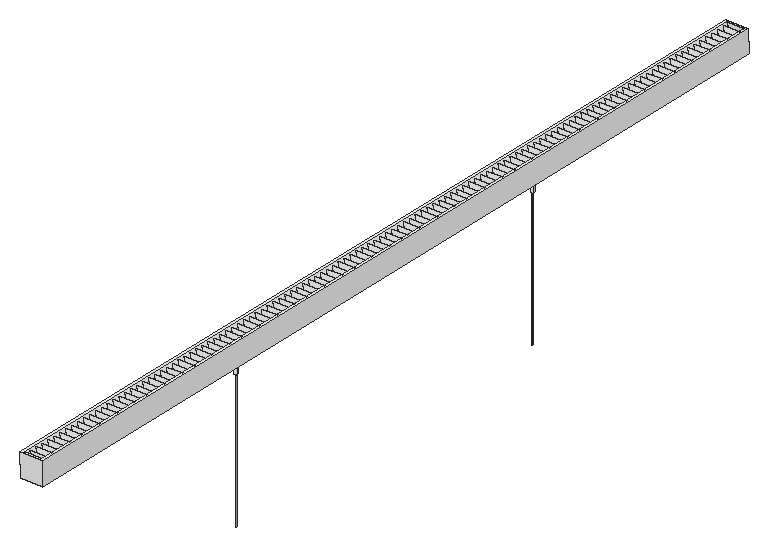
Revit family "Lighting_Pendants_Fagerhult_Notor-65-Beta-Opti_Face", category Lighting Fixtures, host Face, Revit 2024
Family settings
  Host = Face
  Round Connector Dimension = Use Diameter
  Part Type = Normal
  OmniClass Number = 23.80.70.11
  OmniClass Title = Luminaries for Internal Lighting
  Cut with Voids When Loaded = No
  Light Source = Yes
  Maintain Annotation Orientation = No
  Shared = No
  Room Calculation Point = No
Parameters (values of type "NOTOR65 BETAOPTI SURF PEND 2400 DI HL 840 WHT CONT_13363-402")
  Youtube clip = "https://vimeo.com/200646173"
  Width = 65.000 mm
  Weight Net (Kg) = "0"
  Weight (Kg) = 6
  Wattage = 9.2903 W
  built-in parameter 1150110 = 1 (stored number, unit not read)
  Voltage = 230 V
  Uniformat II Description = "Lighting & Branch Wiring"
  Uniformat II Code = "D5020"
  Uniclass 2015 Name = "Light-emitting diode (LED) lamps"
  Uniclass 2015 Code = "Pr_70_70_46_44"
  Uniclass 2.0 Description = "Luminaires And Lamps"
  Uniclass 2.0 Code = "PR-49"
  Uniclass 1.4 Description = "Luminaires and lamps"
  Uniclass 1.4 Code = "JY73"
  URL = "www.fagerhult.com"
  UNSPSC Code = "3911"
  built-in parameter 1114217 = 1 (stored number, unit not read)
  Tilt Angle = -90.00°
  built-in parameter 1150109 = 1 (stored number, unit not read)
  built-in parameter 1150134 = 4000
  Technical description = "https://www.fagerhult.com/Products/notor/notor-65-beta-opti/"
  Sus Position [instance] = 100.000 mm
  Region South America = "AR"
  Region Oceania = "AS, AU, NZ"
  Region North America = "BB, GL, GT, US"
  Region Middle East = "AE, AF, BH, EG, IL, KW, LB, OM, QA, SA, TR"
  Region Europe = "AT, AX, BA, BE, BG, CH, CZ, DE, DK, EE, ES, FI, FO, FR, GB, GR, HR, HU, IE, IS, IT, LT, LU, LV, MT, NL, NO, PL, PT, RO, RU, SE, SI, SK, UA"
  Region Asia = "AM, CN, IN, JP, KR, LA, MO, MY, SG, TW"
  Region Antarctica = "None"
  Region Africa = "BF, ER, ET, NG, ZA"
  QR code = "http://bimobject.com/fagerhult/product/Notor-65-Beta-Opti"
  Product url = "https://www.fagerhult.com/Products/notor/notor-65-beta-opti/"
  Product group = "Pendant"
  Product family = "Indoor"
  Product data url = "https://bimobject.com/fagerhult/product/Notor-65-Beta-Opti"
  Product certification = ""
  Product SKU = "Notor-65-Beta-Opti"
  Product Guid = "13e7c37b-4238-40f4-9f30-5d6fe9a7ee4a"
  Photometric File Note = "The .IES files provided are sample files based on a few standard configurations.  Not all photometric configurations are available.   The actual data and values will vary depending on lens, color temperature and other options.  Please visit www.fagerhult.com for more defined photometric data."  # constant formula
  Pend. Height [instance] = if(Pendant Height < 65.000 mm, 65.000 mm, Pendant Height)  # 500.000 mm
  built-in parameter 1150113 = 1 (stored number, unit not read)
  Photometric Web File = "GENERIC - Please download and link the .IES file that best matches your fixture specification"
  Pendant Height [instance] = 500.000 mm
  OmniClass Description = "Lighting Fixtures"
  OmniClass Code = "23-35 47 11"
  Nr of Lamells = 59
  built-in parameter 1150142 = (empty or 0)
  Nominal width = 0.000 mm
  Nominal height = 0.000 mm
  NBS Reference Description = "Luminaires And Lamps"
  NBS Reference Code = "49"
  Model = "Notor 65 Beta Opti"
  Material secondary = "Acrylic"
  Material main = "Aluminium"
  Masterformat 2014 Description = "Interior Lighting Fixtures, Lamps, And Ballasts"
  Masterformat 2014 Code = "26 51 13"
  Manufacturer name = "Fagerhult"
  Manufacturer country = "Sweden"
  Manufacturer = "Fagerhult"
  built-in parameter 1150105 = 97.587 (stored number, unit not read)
  Lumens = 1226.32 lm
  built-in parameter 1150115 = 1 (stored number, unit not read)
  Louvre = Aluminium - Fagerhult - BetaOpti - Satin matt
  Load Classification = Lighting
  built-in parameter 1150137 = (empty or 0)
  built-in parameter 1150139 = (empty or 0)
  Length = 2522.000 mm
  built-in parameter 1150112 = 1 (stored number, unit not read)
  built-in parameter 1150114 = 1 (stored number, unit not read)
  Lamp = ""
  Lamells = if(Length > 2000.000 mm, 118, Nr of Lamells)  # 118
  Installation instructions = "https://www.fagerhult.com/globalassets/inriverresources/instructionforuse/notor65_instruction_for_use.pdf"
  built-in parameter 1150132 = (empty or 0)
  built-in parameter 1150102 = (empty or 0)
  built-in parameter 1150107 = 4000 (stored number, unit not read)
  built-in parameter 1150138 = (empty or 0)
  built-in parameter 1150106 = 0.97587 (stored number, unit not read)
  IP Code = "20"
  IFC Classification = "Light Fixture"
  Height = 65.000 mm
  Emit from Line Length = 609.600 mm
  built-in parameter 1150104 = 12.263 (stored number, unit not read)
  Edition number = 1
  EAN_Code = "7320046635763"
  EAN code = ""
  Dimming Lamp Color Temperature Shift = <None>
  Design country = "Sweden"
  Description = "Suspended or ceiling-mounted workplace luminaire with direct or direct/indirect light. Beta Opti louvres provide high efficiency and optimal lighting comfort. Single or continuous installation."
  Default Elevation = 1219.200 mm
  Date of publishing = ""
  Color Rendering Index = "min. 80"
  Color Filter = 16777215
  Color = "White"
  COBIe Type Category = ""
  Brand url = "http://www.fagerhult.com"
  Body = Aluminium - Fagerhult - White
  built-in parameter 1114218 = 1 (stored number, unit not read)
  BIMobject main category code = "lighting"
  BIMobject main category = "Lighting"
  BIMobject category code = "lighting-pendants"
  BIMobject category = "Pendants"
  built-in parameter 1150133 = 10 (stored number, unit not read)
  Assembly Code = "D5020230"
  Article Number = "13363-402"
  Apparent Load = 91 VA
Types (96, lengths in mm): name | Weight (Kg) | built-in parameter 1150134 | built-in parameter 1150105 | Lumens | Length | Lamells | built-in parameter 1150107 | built-in parameter 1150106 | built-in parameter 1150104 | EAN_Code | Color | Body | Article Number | Apparent Load
  NOTOR65 BETAOPTI SURF PEND 2400 DI HL 840 WHT CONT_13363-402 | 6 | 4000 | 97.587 (stored number, unit not read) | 1226.32 lm | 2522.000 | 118 | 4000 (stored number, unit not read) | 0.97587 (stored number, unit not read) | 12.263 (stored number, unit not read) | "7320046635763" | "White" | Aluminium - Fagerhult - White | "13363-402" | 91 VA
  NOTOR65 BETAOPTI SURF PEND 2400 DI LL 840 WHT CONT_13362-402 | 6 | 4000 | 96.109 (stored number, unit not read) | 1207.74 lm | 2522.000 | 118 | 4000 (stored number, unit not read) | 0.96109 (stored number, unit not read) | 12.077 (stored number, unit not read) | "7320046635725" | "White" | Aluminium - Fagerhult - White | "13362-402" | 74 VA
  NOTOR65 BETAOPTI SURF PEND 2400 DI HL 830 WHT CONT_13361-402 | 6 | 3000 | 93.152 (stored number, unit not read) | 1170.58 lm | 2522.000 | 118 | 3000 (stored number, unit not read) | 0.93152 (stored number, unit not read) | 11.706 (stored number, unit not read) | "7320046635688" | "White" | Aluminium - Fagerhult - White | "13361-402" | 91 VA
  NOTOR65 BETAOPTI SURF PEND 2400 DI LL 830 WHT CONT_13360-402 | 6 | 3000 | 93.152 (stored number, unit not read) | 1170.58 lm | 2522.000 | 118 | 3000 (stored number, unit not read) | 0.93152 (stored number, unit not read) | 11.706 (stored number, unit not read) | "7320046635640" | "White" | Aluminium - Fagerhult - White | "13360-402" | 74 VA
  NOTOR65 BETAOPTI SURF PEND 2400 DI HL 840 ALU CONT_13359-402 | 6 | 4000 | 97.587 (stored number, unit not read) | 1226.32 lm | 2522.000 | 118 | 4000 (stored number, unit not read) | 0.97587 (stored number, unit not read) | 12.263 (stored number, unit not read) | "7320046635602" | "Anodised" | Aluminium - Fagerhult - Anodised | "13359-402" | 91 VA
  NOTOR65 BETAOPTI SURF PEND 2400 DI LL 840 ALU CONT_13358-402 | 6 | 4000 | 96.109 (stored number, unit not read) | 1207.74 lm | 2522.000 | 118 | 4000 (stored number, unit not read) | 0.96109 (stored number, unit not read) | 12.077 (stored number, unit not read) | "7320046635565" | "Anodised" | Aluminium - Fagerhult - Anodised | "13358-402" | 74 VA
  NOTOR65 BETAOPTI SURF PEND 2400 DI HL 830 ALU CONT_13357-402 | 6 | 3000 | 93.152 (stored number, unit not read) | 1170.58 lm | 2522.000 | 118 | 3000 (stored number, unit not read) | 0.93152 (stored number, unit not read) | 11.706 (stored number, unit not read) | "7320046635527" | "Anodised" | Aluminium - Fagerhult - Anodised | "13357-402" | 91 VA
  NOTOR65 BETAOPTI SURF PEND 2400 DI LL 830 ALU CONT_13356-402 | 6 | 3000 | 93.152 (stored number, unit not read) | 1170.58 lm | 2522.000 | 118 | 3000 (stored number, unit not read) | 0.93152 (stored number, unit not read) | 11.706 (stored number, unit not read) | "7320046635480" | "Anodised" | Aluminium - Fagerhult - Anodised | "13356-402" | 74 VA
  NOTOR65 BETAOPTI SURF PEND 2400 D HL 840 WHT CONT_13355-402 | 6 | 4000 | 96.109 (stored number, unit not read) | 1207.74 lm | 2522.000 | 118 | 4000 (stored number, unit not read) | 0.96109 (stored number, unit not read) | 12.077 (stored number, unit not read) | "7320046635442" | "White" | Aluminium - Fagerhult - White | "13355-402" | 54 VA
  NOTOR65 BETAOPTI SURF PEND 2400 D LL 840 WHT CONT_13354-402 | 6 | 4000 | 95.37 (stored number, unit not read) | 1198.45 lm | 2522.000 | 118 | 4000 (stored number, unit not read) | 0.9537 (stored number, unit not read) | 11.984 (stored number, unit not read) | "7320046635404" | "White" | Aluminium - Fagerhult - White | "13354-402" | 34 VA
  NOTOR65 BETAOPTI SURF PEND 2400 D HL 830 WHT CONT_13353-402 | 6 | 3000 | 90.934 (stored number, unit not read) | 1142.71 lm | 2522.000 | 118 | 3000 (stored number, unit not read) | 0.90934 (stored number, unit not read) | 11.427 (stored number, unit not read) | "7320046635367" | "White" | Aluminium - Fagerhult - White | "13353-402" | 54 VA
  NOTOR65 BETAOPTI SURF PEND 2400 D LL 830 WHT CONT_13352-402 | 6 | 3000 | 90.934 (stored number, unit not read) | 1142.71 lm | 2522.000 | 118 | 3000 (stored number, unit not read) | 0.90934 (stored number, unit not read) | 11.427 (stored number, unit not read) | "7320046635329" | "White" | Aluminium - Fagerhult - White | "13352-402" | 34 VA
  NOTOR65 BETAOPTI SURF PEND 2400 D HL 840 ALU CONT_13351-402 | 6 | 4000 | 96.109 (stored number, unit not read) | 1207.74 lm | 2522.000 | 118 | 4000 (stored number, unit not read) | 0.96109 (stored number, unit not read) | 12.077 (stored number, unit not read) | "7320046635282" | "Anodised" | Aluminium - Fagerhult - Anodised | "13351-402" | 54 VA
  NOTOR65 BETAOPTI SURF PEND 2400 D LL 840 ALU CONT_13350-402 | 6 | 4000 | 95.37 (stored number, unit not read) | 1198.45 lm | 2522.000 | 118 | 4000 (stored number, unit not read) | 0.9537 (stored number, unit not read) | 11.984 (stored number, unit not read) | "7320046633516" | "Anodised" | Aluminium - Fagerhult - Anodised | "13350-402" | 34 VA
  NOTOR65 BETAOPTI SURF PEND 2400 D HL 830 ALU CONT_13349-402 | 6 | 3000 | 90.934 (stored number, unit not read) | 1142.71 lm | 2522.000 | 118 | 3000 (stored number, unit not read) | 0.90934 (stored number, unit not read) | 11.427 (stored number, unit not read) | "7320046633479" | "Anodised" | Aluminium - Fagerhult - Anodised | "13349-402" | 54 VA
  NOTOR65 BETAOPTI SURF PEND 2400 D LL 830 ALU CONT_13348-402 | 6 | 3000 | 90.934 (stored number, unit not read) | 1142.71 lm | 2522.000 | 118 | 3000 (stored number, unit not read) | 0.90934 (stored number, unit not read) | 11.427 (stored number, unit not read) | "7320046633431" | "Anodised" | Aluminium - Fagerhult - Anodised | "13348-402" | 34 VA
  NOTOR65 BETAOPTI SURF PEND 1200 DI HL 840 WHT CONT_13347-402 | 3 | 4000 | 97.587 (stored number, unit not read) | 1226.32 lm | 1261.000 | 59 | 4000 (stored number, unit not read) | 0.97587 (stored number, unit not read) | 12.263 (stored number, unit not read) | "7320046633394" | "White" | Aluminium - Fagerhult - White | "13347-402" | 46 VA
  NOTOR65 BETAOPTI SURF PEND 1200 DI LL 840 WHT CONT_13346-402 | 3 | 4000 | 96.109 (stored number, unit not read) | 1207.74 lm | 1261.000 | 59 | 4000 (stored number, unit not read) | 0.96109 (stored number, unit not read) | 12.077 (stored number, unit not read) | "7320046633356" | "White" | Aluminium - Fagerhult - White | "13346-402" | 37 VA
  NOTOR65 BETAOPTI SURF PEND 1200 DI HL 830 WHT CONT_13345-402 | 3 | 3000 | 92.412 (stored number, unit not read) | 1161.29 lm | 1261.000 | 59 | 3000 (stored number, unit not read) | 0.92412 (stored number, unit not read) | 11.613 (stored number, unit not read) | "7320046633318" | "White" | Aluminium - Fagerhult - White | "13345-402" | 46 VA
  NOTOR65 BETAOPTI SURF PEND 1200 DI LL 830 WHT CONT_13344-402 | 3 | 3000 | 91.673 (stored number, unit not read) | 1152 lm | 1261.000 | 59 | 3000 (stored number, unit not read) | 0.91673 (stored number, unit not read) | 11.52 (stored number, unit not read) | "7320046633271" | "White" | Aluminium - Fagerhult - White | "13344-402" | 37 VA
  NOTOR65 BETAOPTI SURF PEND 1200 DI HL 840 ALU CONT_13343-402 | 3 | 4000 | 97.587 (stored number, unit not read) | 1226.32 lm | 1261.000 | 59 | 4000 (stored number, unit not read) | 0.97587 (stored number, unit not read) | 12.263 (stored number, unit not read) | "7320046633233" | "Anodised" | Aluminium - Fagerhult - Anodised | "13343-402" | 46 VA
  NOTOR65 BETAOPTI SURF PEND 1200 DI LL 840 ALU CONT_13342-402 | 3 | 4000 | 96.109 (stored number, unit not read) | 1207.74 lm | 1261.000 | 59 | 4000 (stored number, unit not read) | 0.96109 (stored number, unit not read) | 12.077 (stored number, unit not read) | "7320046633196" | "Anodised" | Aluminium - Fagerhult - Anodised | "13342-402" | 37 VA
  NOTOR65 BETAOPTI SURF PEND 1200 DI HL 830 ALU CONT_13341-402 | 3 | 3000 | 92.412 (stored number, unit not read) | 1161.29 lm | 1261.000 | 59 | 3000 (stored number, unit not read) | 0.92412 (stored number, unit not read) | 11.613 (stored number, unit not read) | "7320046633158" | "Anodised" | Aluminium - Fagerhult - Anodised | "13341-402" | 46 VA
  NOTOR65 BETAOPTI SURF PEND 1200 DI LL 830 ALU CONT_13340-402 | 3 | 3000 | 91.673 (stored number, unit not read) | 1152 lm | 1261.000 | 59 | 3000 (stored number, unit not read) | 0.91673 (stored number, unit not read) | 11.52 (stored number, unit not read) | "7320046633110" | "Anodised" | Aluminium - Fagerhult - Anodised | "13340-402" | 37 VA
  NOTOR65 BETAOPTI SURF PEND 1200 D HL 840 WHT CONT_13339-402 | 3 | 4000 | 89.455 (stored number, unit not read) | 1124.13 lm | 1261.000 | 59 | 4000 (stored number, unit not read) | 0.89455 (stored number, unit not read) | 11.241 (stored number, unit not read) | "7320046633073" | "White" | Aluminium - Fagerhult - White | "13339-402" | 29 VA
  NOTOR65 BETAOPTI SURF PEND 1200 D LL 840 WHT CONT_13338-402 | 3 | 4000 | 85.019 (stored number, unit not read) | 1068.38 lm | 1261.000 | 59 | 4000 (stored number, unit not read) | 0.85019 (stored number, unit not read) | 10.684 (stored number, unit not read) | "7320046633035" | "White" | Aluminium - Fagerhult - White | "13338-402" | 19 VA
  NOTOR65 BETAOPTI SURF PEND 1200 D HL 830 WHT CONT_13337-402 | 3 | 3000 | 85.019 (stored number, unit not read) | 1068.38 lm | 1261.000 | 59 | 3000 (stored number, unit not read) | 0.85019 (stored number, unit not read) | 10.684 (stored number, unit not read) | "7320046632991" | "White" | Aluminium - Fagerhult - White | "13337-402" | 29 VA
  NOTOR65 BETAOPTI SURF PEND 1200 D LL 830 WHT CONT_13336-402 | 3 | 3000 | 80.584 (stored number, unit not read) | 1012.64 lm | 1261.000 | 59 | 3000 (stored number, unit not read) | 0.80584 (stored number, unit not read) | 10.126 (stored number, unit not read) | "7320046632953" | "White" | Aluminium - Fagerhult - White | "13336-402" | 19 VA
  NOTOR65 BETAOPTI SURF PEND 1200 D HL 840 ALU CONT_13335-402 | 3 | 4000 | 89.455 (stored number, unit not read) | 1124.13 lm | 1261.000 | 59 | 4000 (stored number, unit not read) | 0.89455 (stored number, unit not read) | 11.241 (stored number, unit not read) | "7320046632915" | "Anodised" | Aluminium - Fagerhult - Anodised | "13335-402" | 29 VA
  NOTOR65 BETAOPTI SURF PEND 1200 D LL 840 ALU CONT_13334-402 | 3 | 4000 | 85.019 (stored number, unit not read) | 1068.38 lm | 1261.000 | 59 | 4000 (stored number, unit not read) | 0.85019 (stored number, unit not read) | 10.684 (stored number, unit not read) | "7320046632878" | "Anodised" | Aluminium - Fagerhult - Anodised | "13334-402" | 19 VA
  NOTOR65 BETAOPTI SURF PEND 1200 D HL 830 ALU CONT_13333-402 | 3 | 3000 | 85.019 (stored number, unit not read) | 1068.38 lm | 1261.000 | 59 | 3000 (stored number, unit not read) | 0.85019 (stored number, unit not read) | 10.684 (stored number, unit not read) | "7320046632830" | "Anodised" | Aluminium - Fagerhult - Anodised | "13333-402" | 29 VA
  NOTOR65 BETAOPTI SURF PEND 1200 D LL 830 ALU CONT_13332-402 | 3 | 3000 | 80.584 (stored number, unit not read) | 1012.64 lm | 1261.000 | 59 | 3000 (stored number, unit not read) | 0.80584 (stored number, unit not read) | 10.126 (stored number, unit not read) | "7320046632793" | "Anodised" | Aluminium - Fagerhult - Anodised | "13332-402" | 19 VA
  NOTOR65 BETAOPTI SURF PEND 2400 DI HL 840 WHT START/SINGLE_13331-402 | 6 | 4000 | 97.587 (stored number, unit not read) | 1226.32 lm | 2527.000 | 118 | 4000 (stored number, unit not read) | 0.97587 (stored number, unit not read) | 12.263 (stored number, unit not read) | "7320046632755" | "White" | Aluminium - Fagerhult - White | "13331-402" | 91 VA
  NOTOR65 BETAOPTI SURF PEND 2400 DI LL 840 WHT START/SINGLE_13330-402 | 6 | 4000 | 96.109 (stored number, unit not read) | 1207.74 lm | 2527.000 | 118 | 4000 (stored number, unit not read) | 0.96109 (stored number, unit not read) | 12.077 (stored number, unit not read) | "7320046632717" | "White" | Aluminium - Fagerhult - White | "13330-402" | 74 VA
  NOTOR65 BETAOPTI SURF PEND 2400 DI HL 830 WHT START/SINGLE_13329-402 | 6 | 3000 | 93.152 (stored number, unit not read) | 1170.58 lm | 2527.000 | 118 | 3000 (stored number, unit not read) | 0.93152 (stored number, unit not read) | 11.706 (stored number, unit not read) | "7320046632670" | "White" | Aluminium - Fagerhult - White | "13329-402" | 91 VA
  NOTOR65 BETAOPTI SURF PEND 2400 DI LL 830 WHT START/SINGLE_13328-402 | 6 | 3000 | 93.152 (stored number, unit not read) | 1170.58 lm | 2527.000 | 118 | 3000 (stored number, unit not read) | 0.93152 (stored number, unit not read) | 11.706 (stored number, unit not read) | "7320046632632" | "White" | Aluminium - Fagerhult - White | "13328-402" | 74 VA
  NOTOR65 BETAOPTI SURF PEND 2400 DI HL 840 ALU START/SINGLE_13327-402 | 6 | 4000 | 97.587 (stored number, unit not read) | 1226.32 lm | 2527.000 | 118 | 4000 (stored number, unit not read) | 0.97587 (stored number, unit not read) | 12.263 (stored number, unit not read) | "7320046632595" | "Anodised" | Aluminium - Fagerhult - Anodised | "13327-402" | 91 VA
  NOTOR65 BETAOPTI SURF PEND 2400 DI LL 840 ALU START/SINGLE_13326-402 | 6 | 4000 | 96.109 (stored number, unit not read) | 1207.74 lm | 2527.000 | 118 | 4000 (stored number, unit not read) | 0.96109 (stored number, unit not read) | 12.077 (stored number, unit not read) | "7320046632557" | "Anodised" | Aluminium - Fagerhult - Anodised | "13326-402" | 74 VA
  NOTOR65 BETAOPTI SURF PEND 2400 DI HL 830 ALU START/SINGLE_13325-402 | 6 | 3000 | 93.152 (stored number, unit not read) | 1170.58 lm | 2527.000 | 118 | 3000 (stored number, unit not read) | 0.93152 (stored number, unit not read) | 11.706 (stored number, unit not read) | "7320046632519" | "Anodised" | Aluminium - Fagerhult - Anodised | "13325-402" | 91 VA
  NOTOR65 BETAOPTI SURF PEND 2400 DI LL 830 ALU START/SINGLE_13324-402 | 6 | 3000 | 93.152 (stored number, unit not read) | 1170.58 lm | 2527.000 | 118 | 3000 (stored number, unit not read) | 0.93152 (stored number, unit not read) | 11.706 (stored number, unit not read) | "7320046632472" | "Anodised" | Aluminium - Fagerhult - Anodised | "13324-402" | 74 VA
  NOTOR65 BETAOPTI SURF PEND 2400 D HL 840 WHT START/SINGLE_13323-402 | 6 | 4000 | 96.109 (stored number, unit not read) | 1207.74 lm | 2527.000 | 118 | 4000 (stored number, unit not read) | 0.96109 (stored number, unit not read) | 12.077 (stored number, unit not read) | "7320046632434" | "White" | Aluminium - Fagerhult - White | "13323-402" | 54 VA
  NOTOR65 BETAOPTI SURF PEND 2400 D LL 840 WHT START/SINGLE_13322-402 | 6 | 4000 | 95.37 (stored number, unit not read) | 1198.45 lm | 2527.000 | 118 | 4000 (stored number, unit not read) | 0.9537 (stored number, unit not read) | 11.984 (stored number, unit not read) | "7320046632397" | "White" | Aluminium - Fagerhult - White | "13322-402" | 34 VA
  NOTOR65 BETAOPTI SURF PEND 2400 D HL 830 WHT START/SINGLE_13321-402 | 6 | 3000 | 90.934 (stored number, unit not read) | 1142.71 lm | 2527.000 | 118 | 3000 (stored number, unit not read) | 0.90934 (stored number, unit not read) | 11.427 (stored number, unit not read) | "7320046632359" | "White" | Aluminium - Fagerhult - White | "13321-402" | 54 VA
  NOTOR65 BETAOPTI SURF PEND 2400 D LL 830 WHT START/SINGLE_13320-402 | 6 | 3000 | 90.934 (stored number, unit not read) | 1142.71 lm | 2527.000 | 118 | 3000 (stored number, unit not read) | 0.90934 (stored number, unit not read) | 11.427 (stored number, unit not read) | "7320046632311" | "White" | Aluminium - Fagerhult - White | "13320-402" | 34 VA
  NOTOR65 BETAOPTI SURF PEND 2400 D HL 840 ALU START/SINGLE_13319-402 | 6 | 4000 | 96.109 (stored number, unit not read) | 1207.74 lm | 2527.000 | 118 | 4000 (stored number, unit not read) | 0.96109 (stored number, unit not read) | 12.077 (stored number, unit not read) | "7320046632274" | "Anodised" | Aluminium - Fagerhult - Anodised | "13319-402" | 54 VA
  NOTOR65 BETAOPTI SURF PEND 2400 D LL 840 ALU START/SINGLE_13318-402 | 6 | 4000 | 95.37 (stored number, unit not read) | 1198.45 lm | 2527.000 | 118 | 4000 (stored number, unit not read) | 0.9537 (stored number, unit not read) | 11.984 (stored number, unit not read) | "7320046632236" | "Anodised" | Aluminium - Fagerhult - Anodised | "13318-402" | 34 VA
  NOTOR65 BETAOPTI SURF PEND 2400 D HL 830 ALU START/SINGLE_13317-402 | 6 | 3000 | 90.934 (stored number, unit not read) | 1142.71 lm | 2527.000 | 118 | 3000 (stored number, unit not read) | 0.90934 (stored number, unit not read) | 11.427 (stored number, unit not read) | "7320046632199" | "Anodised" | Aluminium - Fagerhult - Anodised | "13317-402" | 54 VA
  NOTOR65 BETAOPTI SURF PEND 2400 D LL 830 ALU START/SINGLE_13316-402 | 6 | 3000 | 90.934 (stored number, unit not read) | 1142.71 lm | 2527.000 | 118 | 3000 (stored number, unit not read) | 0.90934 (stored number, unit not read) | 11.427 (stored number, unit not read) | "7320046632151" | "Anodised" | Aluminium - Fagerhult - Anodised | "13316-402" | 34 VA
  NOTOR65 BETAOPTI SURF PEND 1200 DI HL 840 WHT START/SINGLE_13315-449 | 3 | 4000 | 97.587 (stored number, unit not read) | 1226.32 lm | 1328.000 | 59 | 4000 (stored number, unit not read) | 0.97587 (stored number, unit not read) | 12.263 (stored number, unit not read) | "7320046632090" | "White" | Aluminium - Fagerhult - White | "13315-449" | 46 VA
  NOTOR65 BETAOPTI SURF PEND 1200 DI HL 840 WHT START/SINGLE_13315-442 | 3 | 4000 | 97.587 (stored number, unit not read) | 1226.32 lm | 1328.000 | 59 | 4000 (stored number, unit not read) | 0.97587 (stored number, unit not read) | 12.263 (stored number, unit not read) | "7320046632113" | "White" | Aluminium - Fagerhult - White | "13315-442" | 46 VA
  NOTOR65 BETAOPTI SURF PEND 1200 DI HL 840 WHT START/SINGLE_13315-402 | 3 | 4000 | 97.587 (stored number, unit not read) | 1226.32 lm | 1267.000 | 59 | 4000 (stored number, unit not read) | 0.97587 (stored number, unit not read) | 12.263 (stored number, unit not read) | "7320046632076" | "White" | Aluminium - Fagerhult - White | "13315-402" | 46 VA
  NOTOR65 BETAOPTI SURF PEND 1200 DI LL 840 WHT START/SINGLE_13314-449 | 3 | 4000 | 96.109 (stored number, unit not read) | 1207.74 lm | 1328.000 | 59 | 4000 (stored number, unit not read) | 0.96109 (stored number, unit not read) | 12.077 (stored number, unit not read) | "7320046632014" | "White" | Aluminium - Fagerhult - White | "13314-449" | 37 VA
  NOTOR65 BETAOPTI SURF PEND 1200 DI LL 840 WHT START/SINGLE_13314-442 | 3 | 4000 | 96.109 (stored number, unit not read) | 1207.74 lm | 1328.000 | 59 | 4000 (stored number, unit not read) | 0.96109 (stored number, unit not read) | 12.077 (stored number, unit not read) | "7320046632038" | "White" | Aluminium - Fagerhult - White | "13314-442" | 37 VA
  NOTOR65 BETAOPTI SURF PEND 1200 DI LL 840 WHT START/SINGLE_13314-402 | 3 | 4000 | 96.109 (stored number, unit not read) | 1207.74 lm | 1267.000 | 59 | 4000 (stored number, unit not read) | 0.96109 (stored number, unit not read) | 12.077 (stored number, unit not read) | "7320046631994" | "White" | Aluminium - Fagerhult - White | "13314-402" | 37 VA
  NOTOR65 BETAOPTI SURF PEND 1200 DI HL 830 WHT START/SINGLE_13313-449 | 3 | 3000 | 92.412 (stored number, unit not read) | 1161.29 lm | 1328.000 | 59 | 3000 (stored number, unit not read) | 0.92412 (stored number, unit not read) | 11.613 (stored number, unit not read) | "7320046631932" | "White" | Aluminium - Fagerhult - White | "13313-449" | 46 VA
  NOTOR65 BETAOPTI SURF PEND 1200 DI HL 830 WHT START/SINGLE_13313-442 | 3 | 3000 | 92.412 (stored number, unit not read) | 1161.29 lm | 1328.000 | 59 | 3000 (stored number, unit not read) | 0.92412 (stored number, unit not read) | 11.613 (stored number, unit not read) | "7320046631956" | "White" | Aluminium - Fagerhult - White | "13313-442" | 46 VA
  NOTOR65 BETAOPTI SURF PEND 1200 DI HL 830 WHT START/SINGLE_13313-402 | 3 | 3000 | 92.412 (stored number, unit not read) | 1161.29 lm | 1267.000 | 59 | 3000 (stored number, unit not read) | 0.92412 (stored number, unit not read) | 11.613 (stored number, unit not read) | "7320046631918" | "White" | Aluminium - Fagerhult - White | "13313-402" | 46 VA
  NOTOR65 BETAOPTI SURF PEND 1200 DI LL 830 WHT START/SINGLE_13312-449 | 3 | 3000 | 91.673 (stored number, unit not read) | 1152 lm | 1328.000 | 59 | 3000 (stored number, unit not read) | 0.91673 (stored number, unit not read) | 11.52 (stored number, unit not read) | "7320046631857" | "White" | Aluminium - Fagerhult - White | "13312-449" | 37 VA
  NOTOR65 BETAOPTI SURF PEND 1200 DI LL 830 WHT START/SINGLE_13312-442 | 3 | 3000 | 91.673 (stored number, unit not read) | 1152 lm | 1328.000 | 59 | 3000 (stored number, unit not read) | 0.91673 (stored number, unit not read) | 11.52 (stored number, unit not read) | "7320046631871" | "White" | Aluminium - Fagerhult - White | "13312-442" | 37 VA
  NOTOR65 BETAOPTI SURF PEND 1200 DI LL 830 WHT START/SINGLE_13312-402 | 3 | 3000 | 91.673 (stored number, unit not read) | 1152 lm | 1267.000 | 59 | 3000 (stored number, unit not read) | 0.91673 (stored number, unit not read) | 11.52 (stored number, unit not read) | "7320046631833" | "White" | Aluminium - Fagerhult - White | "13312-402" | 37 VA
  NOTOR65 BETAOPTI SURF PEND 1200 DI HL 840 ALU START/SINGLE_13311-449 | 3 | 4000 | 97.587 (stored number, unit not read) | 1226.32 lm | 1328.000 | 59 | 4000 (stored number, unit not read) | 0.97587 (stored number, unit not read) | 12.263 (stored number, unit not read) | "7320046631772" | "Anodised" | Aluminium - Fagerhult - Anodised | "13311-449" | 46 VA
  NOTOR65 BETAOPTI SURF PEND 1200 DI HL 840 ALU START/SINGLE_13311-442 | 3 | 4000 | 97.587 (stored number, unit not read) | 1226.32 lm | 1328.000 | 59 | 4000 (stored number, unit not read) | 0.97587 (stored number, unit not read) | 12.263 (stored number, unit not read) | "7320046631796" | "Anodised" | Aluminium - Fagerhult - Anodised | "13311-442" | 46 VA
  NOTOR65 BETAOPTI SURF PEND 1200 DI HL 840 ALU START/SINGLE_13311-402 | 3 | 4000 | 97.587 (stored number, unit not read) | 1226.32 lm | 1267.000 | 59 | 4000 (stored number, unit not read) | 0.97587 (stored number, unit not read) | 12.263 (stored number, unit not read) | "7320046631758" | "Anodised" | Aluminium - Fagerhult - Anodised | "13311-402" | 46 VA
  NOTOR65 BETAOPTI SURF PEND 1200 DI LL 840 ALU START/SINGLE_13310-449 | 3 | 4000 | 96.109 (stored number, unit not read) | 1207.74 lm | 1328.000 | 59 | 4000 (stored number, unit not read) | 0.96109 (stored number, unit not read) | 12.077 (stored number, unit not read) | "7320046631697" | "Anodised" | Aluminium - Fagerhult - Anodised | "13310-449" | 37 VA
  NOTOR65 BETAOPTI SURF PEND 1200 DI LL 840 ALU START/SINGLE_13310-442 | 3 | 4000 | 96.109 (stored number, unit not read) | 1207.74 lm | 1328.000 | 59 | 4000 (stored number, unit not read) | 0.96109 (stored number, unit not read) | 12.077 (stored number, unit not read) | "7320046631710" | "Anodised" | Aluminium - Fagerhult - Anodised | "13310-442" | 37 VA
  NOTOR65 BETAOPTI SURF PEND 1200 DI LL 840 ALU START/SINGLE_13310-402 | 3 | 4000 | 96.109 (stored number, unit not read) | 1207.74 lm | 1267.000 | 59 | 4000 (stored number, unit not read) | 0.96109 (stored number, unit not read) | 12.077 (stored number, unit not read) | "7320046631673" | "Anodised" | Aluminium - Fagerhult - Anodised | "13310-402" | 37 VA
  NOTOR65 BETAOPTI SURF PEND 1200 DI HL 830 ALU START/SINGLE_13309-449 | 3 | 3000 | 92.412 (stored number, unit not read) | 1161.29 lm | 1328.000 | 59 | 3000 (stored number, unit not read) | 0.92412 (stored number, unit not read) | 11.613 (stored number, unit not read) | "7320046631611" | "Anodised" | Aluminium - Fagerhult - Anodised | "13309-449" | 46 VA
  NOTOR65 BETAOPTI SURF PEND 1200 DI HL 830 ALU START/SINGLE_13309-442 | 3 | 3000 | 92.412 (stored number, unit not read) | 1161.29 lm | 1328.000 | 59 | 3000 (stored number, unit not read) | 0.92412 (stored number, unit not read) | 11.613 (stored number, unit not read) | "7320046631635" | "Anodised" | Aluminium - Fagerhult - Anodised | "13309-442" | 46 VA
  NOTOR65 BETAOPTI SURF PEND 1200 DI HL 830 ALU START/SINGLE_13309-402 | 3 | 3000 | 92.412 (stored number, unit not read) | 1161.29 lm | 1267.000 | 59 | 3000 (stored number, unit not read) | 0.92412 (stored number, unit not read) | 11.613 (stored number, unit not read) | "7320046631598" | "Anodised" | Aluminium - Fagerhult - Anodised | "13309-402" | 46 VA
  NOTOR65 BETAOPTI SURF PEND 1200 DI LL 830 ALU START/SINGLE_13308-449 | 3 | 3000 | 91.673 (stored number, unit not read) | 1152 lm | 1328.000 | 59 | 3000 (stored number, unit not read) | 0.91673 (stored number, unit not read) | 11.52 (stored number, unit not read) | "7320046631536" | "Anodised" | Aluminium - Fagerhult - Anodised | "13308-449" | 37 VA
  NOTOR65 BETAOPTI SURF PEND 1200 DI LL 830 ALU START/SINGLE_13308-442 | 3 | 3000 | 91.673 (stored number, unit not read) | 1152 lm | 1328.000 | 59 | 3000 (stored number, unit not read) | 0.91673 (stored number, unit not read) | 11.52 (stored number, unit not read) | "7320046631550" | "Anodised" | Aluminium - Fagerhult - Anodised | "13308-442" | 37 VA
  NOTOR65 BETAOPTI SURF PEND 1200 DI LL 830 ALU START/SINGLE_13308-402 | 3 | 3000 | 91.673 (stored number, unit not read) | 1152 lm | 1267.000 | 59 | 3000 (stored number, unit not read) | 0.91673 (stored number, unit not read) | 11.52 (stored number, unit not read) | "7320046631512" | "Anodised" | Aluminium - Fagerhult - Anodised | "13308-402" | 37 VA
  NOTOR65 BETAOPTI SURF PEND 1200 D HL 840 WHT START/SINGLE_13307-449 | 3 | 4000 | 89.455 (stored number, unit not read) | 1124.13 lm | 1328.000 | 59 | 4000 (stored number, unit not read) | 0.89455 (stored number, unit not read) | 11.241 (stored number, unit not read) | "7320046631451" | "White" | Aluminium - Fagerhult - White | "13307-449" | 29 VA
  NOTOR65 BETAOPTI SURF PEND 1200 D HL 840 WHT START/SINGLE_13307-442 | 3 | 4000 | 89.455 (stored number, unit not read) | 1124.13 lm | 1328.000 | 59 | 4000 (stored number, unit not read) | 0.89455 (stored number, unit not read) | 11.241 (stored number, unit not read) | "7320046631475" | "White" | Aluminium - Fagerhult - White | "13307-442" | 29 VA
  NOTOR65 BETAOPTI SURF PEND 1200 D HL 840 WHT START/SINGLE_13307-402 | 3 | 4000 | 89.455 (stored number, unit not read) | 1124.13 lm | 1267.000 | 59 | 4000 (stored number, unit not read) | 0.89455 (stored number, unit not read) | 11.241 (stored number, unit not read) | "7320046631437" | "White" | Aluminium - Fagerhult - White | "13307-402" | 29 VA
  NOTOR65 BETAOPTI SURF PEND 1200 D LL 840 WHT START/SINGLE_13306-449 | 3 | 4000 | 85.019 (stored number, unit not read) | 1068.38 lm | 1328.000 | 59 | 4000 (stored number, unit not read) | 0.85019 (stored number, unit not read) | 10.684 (stored number, unit not read) | "7320046631376" | "White" | Aluminium - Fagerhult - White | "13306-449" | 19 VA
  NOTOR65 BETAOPTI SURF PEND 1200 D LL 840 WHT START/SINGLE_13306-442 | 3 | 4000 | 85.019 (stored number, unit not read) | 1068.38 lm | 1328.000 | 59 | 4000 (stored number, unit not read) | 0.85019 (stored number, unit not read) | 10.684 (stored number, unit not read) | "7320046631390" | "White" | Aluminium - Fagerhult - White | "13306-442" | 19 VA
  NOTOR65 BETAOPTI SURF PEND 1200 D LL 840 WHT START/SINGLE_13306-402 | 3 | 4000 | 85.019 (stored number, unit not read) | 1068.38 lm | 1267.000 | 59 | 4000 (stored number, unit not read) | 0.85019 (stored number, unit not read) | 10.684 (stored number, unit not read) | "7320046631352" | "White" | Aluminium - Fagerhult - White | "13306-402" | 19 VA
  NOTOR65 BETAOPTI SURF PEND 1200 D HL 830 WHT START/SINGLE_13305-449 | 3 | 3000 | 85.019 (stored number, unit not read) | 1068.38 lm | 1328.000 | 59 | 3000 (stored number, unit not read) | 0.85019 (stored number, unit not read) | 10.684 (stored number, unit not read) | "7320046631291" | "White" | Aluminium - Fagerhult - White | "13305-449" | 29 VA
  NOTOR65 BETAOPTI SURF PEND 1200 D HL 830 WHT START/SINGLE_13305-442 | 3 | 3000 | 85.019 (stored number, unit not read) | 1068.38 lm | 1328.000 | 59 | 3000 (stored number, unit not read) | 0.85019 (stored number, unit not read) | 10.684 (stored number, unit not read) | "7320046631314" | "White" | Aluminium - Fagerhult - White | "13305-442" | 29 VA
  NOTOR65 BETAOPTI SURF PEND 1200 D HL 830 WHT START/SINGLE_13305-402 | 3 | 3000 | 85.019 (stored number, unit not read) | 1068.38 lm | 1267.000 | 59 | 3000 (stored number, unit not read) | 0.85019 (stored number, unit not read) | 10.684 (stored number, unit not read) | "7320046631277" | "White" | Aluminium - Fagerhult - White | "13305-402" | 29 VA
  NOTOR65 BETAOPTI SURF PEND 1200 D LL 830 WHT START/SINGLE_13304-449 | 3 | 3000 | 80.584 (stored number, unit not read) | 1012.64 lm | 1328.000 | 59 | 3000 (stored number, unit not read) | 0.80584 (stored number, unit not read) | 10.126 (stored number, unit not read) | "7320046631215" | "White" | Aluminium - Fagerhult - White | "13304-449" | 19 VA
  NOTOR65 BETAOPTI SURF PEND 1200 D LL 830 WHT START/SINGLE_13304-442 | 3 | 3000 | 80.584 (stored number, unit not read) | 1012.64 lm | 1328.000 | 59 | 3000 (stored number, unit not read) | 0.80584 (stored number, unit not read) | 10.126 (stored number, unit not read) | "7320046631239" | "White" | Aluminium - Fagerhult - White | "13304-442" | 19 VA
  NOTOR65 BETAOPTI SURF PEND 1200 D LL 830 WHT START/SINGLE_13304-402 | 3 | 3000 | 80.584 (stored number, unit not read) | 1012.64 lm | 1267.000 | 59 | 3000 (stored number, unit not read) | 0.80584 (stored number, unit not read) | 10.126 (stored number, unit not read) | "7320046631192" | "White" | Aluminium - Fagerhult - White | "13304-402" | 19 VA
  NOTOR65 BETAOPTI SURF PEND 1200 D HL 840 ALU START/SINGLE_13303-449 | 3 | 4000 | 89.455 (stored number, unit not read) | 1124.13 lm | 1328.000 | 59 | 4000 (stored number, unit not read) | 0.89455 (stored number, unit not read) | 11.241 (stored number, unit not read) | "7320046631130" | "Anodised" | Aluminium - Fagerhult - Anodised | "13303-449" | 29 VA
  NOTOR65 BETAOPTI SURF PEND 1200 D HL 840 ALU START/SINGLE_13303-442 | 3 | 4000 | 89.455 (stored number, unit not read) | 1124.13 lm | 1328.000 | 59 | 4000 (stored number, unit not read) | 0.89455 (stored number, unit not read) | 11.241 (stored number, unit not read) | "7320046631154" | "Anodised" | Aluminium - Fagerhult - Anodised | "13303-442" | 29 VA
  NOTOR65 BETAOPTI SURF PEND 1200 D HL 840 ALU START/SINGLE_13303-402 | 3 | 4000 | 89.455 (stored number, unit not read) | 1124.13 lm | 1267.000 | 59 | 4000 (stored number, unit not read) | 0.89455 (stored number, unit not read) | 11.241 (stored number, unit not read) | "7320046631116" | "Anodised" | Aluminium - Fagerhult - Anodised | "13303-402" | 29 VA
  NOTOR65 BETAOPTI SURF PEND 1200 D LL 840 ALU START/SINGLE_13302-449 | 3 | 4000 | 85.019 (stored number, unit not read) | 1068.38 lm | 1328.000 | 59 | 4000 (stored number, unit not read) | 0.85019 (stored number, unit not read) | 10.684 (stored number, unit not read) | "7320046631055" | "Anodised" | Aluminium - Fagerhult - Anodised | "13302-449" | 19 VA
  NOTOR65 BETAOPTI SURF PEND 1200 D LL 840 ALU START/SINGLE_13302-442 | 3 | 4000 | 85.019 (stored number, unit not read) | 1068.38 lm | 1328.000 | 59 | 4000 (stored number, unit not read) | 0.85019 (stored number, unit not read) | 10.684 (stored number, unit not read) | "7320046631079" | "Anodised" | Aluminium - Fagerhult - Anodised | "13302-442" | 19 VA
  NOTOR65 BETAOPTI SURF PEND 1200 D LL 840 ALU START/SINGLE_13302-402 | 3 | 4000 | 85.019 (stored number, unit not read) | 1068.38 lm | 1267.000 | 59 | 4000 (stored number, unit not read) | 0.85019 (stored number, unit not read) | 10.684 (stored number, unit not read) | "7320046631031" | "Anodised" | Aluminium - Fagerhult - Anodised | "13302-402" | 19 VA
  NOTOR65 BETAOPTI SURF PEND 1200 D HL 830 ALU START/SINGLE_13301-449 | 3 | 3000 | 85.019 (stored number, unit not read) | 1068.38 lm | 1328.000 | 59 | 3000 (stored number, unit not read) | 0.85019 (stored number, unit not read) | 10.684 (stored number, unit not read) | "7320046630973" | "Anodised" | Aluminium - Fagerhult - Anodised | "13301-449" | 29 VA
  NOTOR65 BETAOPTI SURF PEND 1200 D HL 830 ALU START/SINGLE_13301-442 | 3 | 3000 | 85.019 (stored number, unit not read) | 1068.38 lm | 1328.000 | 59 | 3000 (stored number, unit not read) | 0.85019 (stored number, unit not read) | 10.684 (stored number, unit not read) | "7320046630997" | "Anodised" | Aluminium - Fagerhult - Anodised | "13301-442" | 29 VA
  NOTOR65 BETAOPTI SURF PEND 1200 D HL 830 ALU START/SINGLE_13301-402 | 3 | 3000 | 85.019 (stored number, unit not read) | 1068.38 lm | 1267.000 | 59 | 3000 (stored number, unit not read) | 0.85019 (stored number, unit not read) | 10.684 (stored number, unit not read) | "7320046630959" | "Anodised" | Aluminium - Fagerhult - Anodised | "13301-402" | 29 VA
  NOTOR65 BETAOPTI SURF PEND 1200 D LL 830 ALU START/SINGLE_13300-449 | 3 | 3000 | 80.584 (stored number, unit not read) | 1012.64 lm | 1328.000 | 59 | 3000 (stored number, unit not read) | 0.80584 (stored number, unit not read) | 10.126 (stored number, unit not read) | "7320046630898" | "Anodised" | Aluminium - Fagerhult - Anodised | "13300-449" | 19 VA
  NOTOR65 BETAOPTI SURF PEND 1200 D LL 830 ALU START/SINGLE_13300-442 | 3 | 3000 | 80.584 (stored number, unit not read) | 1012.64 lm | 1328.000 | 59 | 3000 (stored number, unit not read) | 0.80584 (stored number, unit not read) | 10.126 (stored number, unit not read) | "7320046630911" | "Anodised" | Aluminium - Fagerhult - Anodised | "13300-442" | 19 VA
  NOTOR65 BETAOPTI SURF PEND 1200 D LL 830 ALU START/SINGLE_13300-402 | 3 | 3000 | 80.584 (stored number, unit not read) | 1012.64 lm | 1267.000 | 59 | 3000 (stored number, unit not read) | 0.80584 (stored number, unit not read) | 10.126 (stored number, unit not read) | "7320046630874" | "Anodised" | Aluminium - Fagerhult - Anodised | "13300-402" | 19 VA
Reference planes
  plane 1 "Center (Front/Back)": y = 0
  plane 2: z = 0
  plane 3 "Center (Left/Right)": x = 0
  plane 4: y = 1261
  plane 5: y = -1261
  plane 6 "riktning": z = 500
  plane 7 "Top back": z = 435
  plane 8 "Void 1": y = 1254.5
  plane 9 "Void2": y = -1254.5
  plane 10 "Void height": z = 473.811
  plane 11 "Void Width left": x = -25
  plane 12: x = 25
  plane 13 "Lamell": z = 480.967
  plane 14 "First lamell": y = -1242.658
  plane 15 "Last lamell": y = 1242.549
  plane 16 "Light Left": x = -8
  plane 17 "Light Right": x = 8
  plane 18: x = 32.5
  plane 19: x = -32.5
  plane 20: y = -1161
  plane 21: y = 1161
Forms (mm)
  Extrusion 1, solid, material "Aluminium - Fagerhult - White" <- "Body", detail levels medium+fine
    sketch origin (0, 0, 1998.584) x (-1, 0, 0) y (0, 0, -1)
      loop
        line (-32.5, 1563.584) -> (-32.5, 1498.584) -> (32.5, 1498.584) -> (32.5, 1563.584) -> (-32.5, 1563.584)
    from -1261 to 1261
  Extrusion 2, void, detail levels fine
    sketch origin (0, 0, 1107.5) x (-1, 0, 0) y (0, 0, -1)
      loop
        line (-25, 607.5) -> (-25, 606.084) -> (25, 606.084) -> (25, 607.5) -> (14.335, 633.689) -> (-14.335, 633.689) -> (-25, 607.5)
    from -1254.5 to 1254.5
  Extrusion 3, solid, detail levels fine
    sketch origin (0, 0, 473.811) x (-1, 0, 0) y (0, -1, 0)
      loop
        line (8, 1254.5) -> (-8, 1254.5) -> (-8, -1254.5) -> (8, -1254.5) -> (8, 1254.5)
    from 0 to 1
  Extrusion 4, solid, detail levels coarse
    sketch origin (0, 0, 500) x (0, -1, 0) y (1, 0, 0)
      loop
        line (-1261, -32.5) -> (1261, -32.5) -> (1261, 32.5) -> (-1261, 32.5) -> (-1261, -32.5)
    from -65 to 0
Cuts and joins
  Extrusion 2 cuts Extrusion 1
Lines and regions (mm)
  symbolic lines
    curve 1: line (70.711, -70.711, 500) -> (-70.711, 70.711, 500)
    curve 2: line (-70.711, -70.711, 500) -> (70.711, 70.711, 500)
Dimensions and locks
  equal spacing: plane 4, plane 1 "Center (Front/Back)", plane 5
  "Length": plane 4 to plane 5
  "Height": plane 6 "riktning" to plane 7 "Top back"
  "Pend. Height": plane 6 "riktning" to level
  locked: plane 5 to plane 9 "Void2" at 6.5
  locked: plane 8 "Void 1" to plane 4 at 6.5
  locked: plane 6 "riktning" to plane 10 "Void height" at 26.189
  locked: plane 13 "Lamell" to plane 10 "Void height" at 7.156
  equal spacing: group 1, group 3, group 4, group 5, group 6, group 7, group 8, group 9, group 10, group 11, group 12, group 13, group 14, group 15, group 16, group 17, group 18, group 19, group 20, group 21, group 22, group 23, group 24, group 25, group 26, group 27, group 28, group 29, group 30, group 31, group 32, group 33, group 34, group 35, group 36, group 37, group 38, group 39, group 40, group 41, group 42, group 43, group 44, group 45, group 46, group 47, group 48, group 49, group 50, group 51, group 52, group 53, group 54, group 55, group 56, group 57, group 58, group 59, group 60, group 61, group 62, group 63, group 64, group 65, group 66, group 67, group 68, group 69, group 70, group 71, group 72, group 73, group 74, group 75, group 76, group 77, group 78, group 79, group 80, group 81, group 82, group 83, group 84, group 85, group 86, group 87, group 88, group 89, group 90, group 91, group 92, group 93, group 94, group 95, group 96, group 97, group 98, group 99, group 100, group 101, group 102, group 103, group 104, group 105, group 106, group 107, group 108, group 109, group 110, group 111, group 112, group 113, group 114, group 115, group 116, group 117, group 118, group 2  (x3)
  locked: plane 5 to plane 14 "First lamell" at 18.342
  locked: plane 4 to plane 15 "Last lamell" at 18.451
  equal spacing: plane 16 "Light Left", plane 3 "Center (Left/Right)", plane 17 "Light Right"
  equal spacing: plane 19, plane 3 "Center (Left/Right)", plane 18
  "Width": plane 19 to plane 18
  "Sus Position": plane 5 to plane 20
  "Sus Position": plane 4 to plane 21
  aligned and locked: plane 2 to host face
  aligned and locked: level to host face
  aligned and locked: plane 4 to Extrusion 1
  aligned and locked: plane 5 to Extrusion 1
  aligned and locked: plane 8 "Void 1" to cut or joined group of Extrusion 1, Extrusion 2
  aligned and locked: cut or joined group of Extrusion 1, Extrusion 2 to plane 9 "Void2"
  aligned and locked: cut or joined group of Extrusion 1, Extrusion 2 to plane 7 "Top back"
  aligned and locked: cut or joined group of Extrusion 1, Extrusion 2 to plane 6 "riktning"
  aligned and locked: plane 10 "Void height" to cut or joined group of Extrusion 1, Extrusion 2
  aligned and locked: plane 12 to cut or joined group of Extrusion 1, Extrusion 2
  aligned and locked: plane 11 "Void Width left" to cut or joined group of Extrusion 1, Extrusion 2
  aligned and locked: plane 14 "First lamell" to nested 1
  aligned and locked: nested 2 to plane 15 "Last lamell"
  aligned and locked: nested 1 to plane 13 "Lamell"
  aligned and locked: plane 13 "Lamell" to nested 2
  aligned and locked: Extrusion 3 to plane 9 "Void2"
  aligned and locked: Extrusion 3 to plane 17 "Light Right"
  aligned and locked: Extrusion 3 to plane 16 "Light Left"
  aligned and locked: plane 8 "Void 1" to Extrusion 3
  aligned and locked: plane 18 to cut or joined group of Extrusion 1, Extrusion 2
  aligned and locked: cut or joined group of Extrusion 1, Extrusion 2 to plane 19
  aligned and locked: cut or joined group of Extrusion 1, Extrusion 2 to imposter light
  aligned and locked: plane 3 "Center (Left/Right)" to imposter light
  aligned and locked: plane 18 to Extrusion 4
  aligned and locked: Extrusion 4 to plane 19
  aligned and locked: plane 4 to Extrusion 4
  aligned and locked: plane 5 to Extrusion 4
  aligned and locked: plane 6 "riktning" to Extrusion 4
  aligned and locked: Extrusion 4 to plane 7 "Top back"
Automatic sketch dimensions
  host sketch curve to host sketch curve = 2438.400 mm  (x2)
  plane 6 "riktning" to Extrusion 1 sketch curve = 0.000 mm
  Extrusion 1 sketch curve to Extrusion 1 sketch curve = 65.000 mm
  plane 3 "Center (Left/Right)" to Extrusion 2 sketch curve = 14.335 mm
  Extrusion 2 sketch curve to plane 3 "Center (Left/Right)" = 14.335 mm
  plane 6 "riktning" to Extrusion 2 sketch curve = 1.416 mm
  Extrusion 2 sketch curve to Extrusion 2 sketch curve = 1.416 mm  (x2)
  Extrusion 2 sketch curve to Extrusion 2 sketch curve = 26.189 mm
  Extrusion 3 sketch curve to plane 9 "Void2" = 0.000 mm
  Extrusion 3 sketch curve to plane 17 "Light Right" = 0.000 mm
  Extrusion 3 sketch curve to plane 8 "Void 1" = 0.000 mm
  Extrusion 3 sketch curve to plane 16 "Light Left" = 0.000 mm
  Extrusion 1 sketch curve to plane 18 = 0.000 mm
  Extrusion 2 sketch curve to plane 12 = 0.000 mm
  plane 19 to Extrusion 1 sketch curve = 0.000 mm
  Extrusion 2 sketch curve to plane 11 "Void Width left" = 0.000 mm
  curve 1 to plane 1 "Center (Front/Back)" = 70.711 mm
  plane 19 to curve 1 = 38.211 mm
  curve 2 to plane 1 "Center (Front/Back)" = 70.711 mm
  plane 1 "Center (Front/Back)" to curve 2 = 70.711 mm
  plane 1 "Center (Front/Back)" to curve 1 = 70.711 mm
  plane 19 to curve 2 = 38.211 mm
  plane 18 to curve 2 = 38.211 mm
  plane 18 to curve 1 = 38.211 mm
  Extrusion 4 sketch curve to plane 4 = 0.000 mm
  plane 5 to Extrusion 4 sketch curve = 0.000 mm
  Extrusion 4 sketch curve to plane 19 = 0.000 mm
  Extrusion 4 sketch curve to plane 18 = 0.000 mm
Nested families
  nested 1: "Lamell" at (0, -1242.658, 480.967), type "Lamell", detail levels fine
  nested 2: "Lamell" at (0, 1236.549, 480.967), type "Lamell", detail levels fine
  nested 3: "Lamell" at (0, -1221.468, 480.967), type "Lamell", detail levels fine
  nested 4: "Lamell" at (0, -1200.278, 480.967), type "Lamell", detail levels fine
  nested 5: "Lamell" at (0, -1179.088, 480.967), type "Lamell", detail levels fine
  nested 6: "Lamell" at (0, -1157.899, 480.967), type "Lamell", detail levels fine
  nested 7: "Lamell" at (0, -1136.709, 480.967), type "Lamell", detail levels fine
  nested 8: "Lamell" at (0, -1115.519, 480.967), type "Lamell", detail levels fine
  nested 9: "Lamell" at (0, -1094.329, 480.967), type "Lamell", detail levels fine
  nested 10: "Lamell" at (0, -1073.139, 480.967), type "Lamell", detail levels fine
  nested 11: "Lamell" at (0, -1051.95, 480.967), type "Lamell", detail levels fine
  nested 12: "Lamell" at (0, -1030.76, 480.967), type "Lamell", detail levels fine
  nested 13: "Lamell" at (0, -1009.57, 480.967), type "Lamell", detail levels fine
  nested 14: "Lamell" at (0, -988.38, 480.967), type "Lamell", detail levels fine
  nested 15: "Lamell" at (0, -967.19, 480.967), type "Lamell", detail levels fine
  nested 16: "Lamell" at (0, -946, 480.967), type "Lamell", detail levels fine
  nested 17: "Lamell" at (0, -924.811, 480.967), type "Lamell", detail levels fine
  nested 18: "Lamell" at (0, -903.621, 480.967), type "Lamell", detail levels fine
  nested 19: "Lamell" at (0, -882.431, 480.967), type "Lamell", detail levels fine
  nested 20: "Lamell" at (0, -861.241, 480.967), type "Lamell", detail levels fine
  nested 21: "Lamell" at (0, -840.051, 480.967), type "Lamell", detail levels fine
  nested 22: "Lamell" at (0, -818.862, 480.967), type "Lamell", detail levels fine
  nested 23: "Lamell" at (0, -797.672, 480.967), type "Lamell", detail levels fine
  nested 24: "Lamell" at (0, -776.482, 480.967), type "Lamell", detail levels fine
  nested 25: "Lamell" at (0, -755.292, 480.967), type "Lamell", detail levels fine
  nested 26: "Lamell" at (0, -734.102, 480.967), type "Lamell", detail levels fine
  nested 27: "Lamell" at (0, -712.913, 480.967), type "Lamell", detail levels fine
  nested 28: "Lamell" at (0, -691.723, 480.967), type "Lamell", detail levels fine
  nested 29: "Lamell" at (0, -670.533, 480.967), type "Lamell", detail levels fine
  nested 30: "Lamell" at (0, -649.343, 480.967), type "Lamell", detail levels fine
  nested 31: "Lamell" at (0, -628.153, 480.967), type "Lamell", detail levels fine
  nested 32: "Lamell" at (0, -606.964, 480.967), type "Lamell", detail levels fine
  nested 33: "Lamell" at (0, -585.774, 480.967), type "Lamell", detail levels fine
  nested 34: "Lamell" at (0, -564.584, 480.967), type "Lamell", detail levels fine
  nested 35: "Lamell" at (0, -543.394, 480.967), type "Lamell", detail levels fine
  nested 36: "Lamell" at (0, -522.204, 480.967), type "Lamell", detail levels fine
  nested 37: "Lamell" at (0, -501.015, 480.967), type "Lamell", detail levels fine
  nested 38: "Lamell" at (0, -479.825, 480.967), type "Lamell", detail levels fine
  nested 39: "Lamell" at (0, -458.635, 480.967), type "Lamell", detail levels fine
  nested 40: "Lamell" at (0, -437.445, 480.967), type "Lamell", detail levels fine
  nested 41: "Lamell" at (0, -416.255, 480.967), type "Lamell", detail levels fine
  nested 42: "Lamell" at (0, -395.066, 480.967), type "Lamell", detail levels fine
  nested 43: "Lamell" at (0, -373.876, 480.967), type "Lamell", detail levels fine
  nested 44: "Lamell" at (0, -352.686, 480.967), type "Lamell", detail levels fine
  nested 45: "Lamell" at (0, -331.496, 480.967), type "Lamell", detail levels fine
  nested 46: "Lamell" at (0, -310.306, 480.967), type "Lamell", detail levels fine
  nested 47: "Lamell" at (0, -289.117, 480.967), type "Lamell", detail levels fine
  nested 48: "Lamell" at (0, -267.927, 480.967), type "Lamell", detail levels fine
  nested 49: "Lamell" at (0, -246.737, 480.967), type "Lamell", detail levels fine
  nested 50: "Lamell" at (0, -225.547, 480.967), type "Lamell", detail levels fine
  nested 51: "Lamell" at (0, -204.357, 480.967), type "Lamell", detail levels fine
  nested 52: "Lamell" at (0, -183.168, 480.967), type "Lamell", detail levels fine
  nested 53: "Lamell" at (0, -161.978, 480.967), type "Lamell", detail levels fine
  nested 54: "Lamell" at (0, -140.788, 480.967), type "Lamell", detail levels fine
  nested 55: "Lamell" at (0, -119.598, 480.967), type "Lamell", detail levels fine
  nested 56: "Lamell" at (0, -98.408, 480.967), type "Lamell", detail levels fine
  nested 57: "Lamell" at (0, -77.219, 480.967), type "Lamell", detail levels fine
  nested 58: "Lamell" at (0, -56.029, 480.967), type "Lamell", detail levels fine
  nested 59: "Lamell" at (0, -34.839, 480.967), type "Lamell", detail levels fine
  nested 60: "Fittings" at (0, 319.603, 0) x (0, -1, 0) z (0, 0, 1), Susp Height <- "Pend. Height", type "Fittings", detail levels fine
    with Susp Height 500.000 mm
  nested 61: "Fittings" at (0, 1380.397, 0) x (0, -1, 0) z (0, 0, 1), Susp Height <- "Pend. Height", type "Fittings", detail levels fine
    with Susp Height 500.000 mm
  nested 62: "Lamell" at (0, -13.649, 480.967), type "Lamell", detail levels fine
  nested 63: "Lamell" at (0, 7.541, 480.967), type "Lamell", detail levels fine
  nested 64: "Lamell" at (0, 28.73, 480.967), type "Lamell", detail levels fine
  nested 65: "Lamell" at (0, 49.92, 480.967), type "Lamell", detail levels fine
  nested 66: "Lamell" at (0, 71.11, 480.967), type "Lamell", detail levels fine
  nested 67: "Lamell" at (0, 92.3, 480.967), type "Lamell", detail levels fine
  nested 68: "Lamell" at (0, 113.49, 480.967), type "Lamell", detail levels fine
  nested 69: "Lamell" at (0, 134.679, 480.967), type "Lamell", detail levels fine
  nested 70: "Lamell" at (0, 155.869, 480.967), type "Lamell", detail levels fine
  nested 71: "Lamell" at (0, 177.059, 480.967), type "Lamell", detail levels fine
  nested 72: "Lamell" at (0, 198.249, 480.967), type "Lamell", detail levels fine
  nested 73: "Lamell" at (0, 219.439, 480.967), type "Lamell", detail levels fine
  nested 74: "Lamell" at (0, 240.629, 480.967), type "Lamell", detail levels fine
  nested 75: "Lamell" at (0, 261.818, 480.967), type "Lamell", detail levels fine
  nested 76: "Lamell" at (0, 283.008, 480.967), type "Lamell", detail levels fine
  nested 77: "Lamell" at (0, 304.198, 480.967), type "Lamell", detail levels fine
  nested 78: "Lamell" at (0, 325.388, 480.967), type "Lamell", detail levels fine
  nested 79: "Lamell" at (0, 346.578, 480.967), type "Lamell", detail levels fine
  nested 80: "Lamell" at (0, 367.767, 480.967), type "Lamell", detail levels fine
  nested 81: "Lamell" at (0, 388.957, 480.967), type "Lamell", detail levels fine
  nested 82: "Lamell" at (0, 410.147, 480.967), type "Lamell", detail levels fine
  nested 83: "Lamell" at (0, 431.337, 480.967), type "Lamell", detail levels fine
  nested 84: "Lamell" at (0, 452.527, 480.967), type "Lamell", detail levels fine
  nested 85: "Lamell" at (0, 473.716, 480.967), type "Lamell", detail levels fine
  nested 86: "Lamell" at (0, 494.906, 480.967), type "Lamell", detail levels fine
  nested 87: "Lamell" at (0, 516.096, 480.967), type "Lamell", detail levels fine
  nested 88: "Lamell" at (0, 537.286, 480.967), type "Lamell", detail levels fine
  nested 89: "Lamell" at (0, 558.476, 480.967), type "Lamell", detail levels fine
  nested 90: "Lamell" at (0, 579.665, 480.967), type "Lamell", detail levels fine
  nested 91: "Lamell" at (0, 600.855, 480.967), type "Lamell", detail levels fine
  nested 92: "Lamell" at (0, 622.045, 480.967), type "Lamell", detail levels fine
  nested 93: "Lamell" at (0, 643.235, 480.967), type "Lamell", detail levels fine
  nested 94: "Lamell" at (0, 664.425, 480.967), type "Lamell", detail levels fine
  nested 95: "Lamell" at (0, 685.614, 480.967), type "Lamell", detail levels fine
  nested 96: "Lamell" at (0, 706.804, 480.967), type "Lamell", detail levels fine
  nested 97: "Lamell" at (0, 727.994, 480.967), type "Lamell", detail levels fine
  nested 98: "Lamell" at (0, 749.184, 480.967), type "Lamell", detail levels fine
  nested 99: "Lamell" at (0, 770.374, 480.967), type "Lamell", detail levels fine
  nested 100: "Lamell" at (0, 791.563, 480.967), type "Lamell", detail levels fine
  nested 101: "Lamell" at (0, 812.753, 480.967), type "Lamell", detail levels fine
  nested 102: "Lamell" at (0, 833.943, 480.967), type "Lamell", detail levels fine
  nested 103: "Lamell" at (0, 855.133, 480.967), type "Lamell", detail levels fine
  nested 104: "Lamell" at (0, 876.323, 480.967), type "Lamell", detail levels fine
  nested 105: "Lamell" at (0, 897.512, 480.967), type "Lamell", detail levels fine
  nested 106: "Lamell" at (0, 918.702, 480.967), type "Lamell", detail levels fine
  nested 107: "Lamell" at (0, 939.892, 480.967), type "Lamell", detail levels fine
  nested 108: "Lamell" at (0, 961.082, 480.967), type "Lamell", detail levels fine
  nested 109: "Lamell" at (0, 982.272, 480.967), type "Lamell", detail levels fine
  nested 110: "Lamell" at (0, 1003.461, 480.967), type "Lamell", detail levels fine
  nested 111: "Lamell" at (0, 1024.651, 480.967), type "Lamell", detail levels fine
  nested 112: "Lamell" at (0, 1045.841, 480.967), type "Lamell", detail levels fine
  nested 113: "Lamell" at (0, 1067.031, 480.967), type "Lamell", detail levels fine
  nested 114: "Lamell" at (0, 1088.221, 480.967), type "Lamell", detail levels fine
  nested 115: "Lamell" at (0, 1109.41, 480.967), type "Lamell", detail levels fine
  nested 116: "Lamell" at (0, 1130.6, 480.967), type "Lamell", detail levels fine
  nested 117: "Lamell" at (0, 1151.79, 480.967), type "Lamell", detail levels fine
  nested 118: "Lamell" at (0, 1172.98, 480.967), type "Lamell", detail levels fine
  nested 119: "Lamell" at (0, 1194.17, 480.967), type "Lamell", detail levels fine
  nested 120: "Lamell" at (0, 1215.359, 480.967), type "Lamell", detail levels fine
Connectors
  electrical at (0, 0, 435), driven by "Apparent Load", driven by "Load Classification", driven by "Voltage", driven by "Model"
    settings: index 1, voltage 230 V, apparent load 0 VA, apparent load phase1 91 VA, apparent load phase2 0 VA, apparent load phase3 0 VA, power factor 1, load classification "Lighting", number of poles 1, system type 31, power factor state 1, is connector primary yes, connector utility no, sub classification motor no, connector description "Notor 65 Beta Opti"
Definition of nested family "Lamell"
  Parameters (values of type "Lamell")
    Width = 50.000 mm
    Default Elevation = 0.000 mm
    Body = none
  Reference planes
    plane 1 "Center (Front/Back)": y = 0
    plane 2: z = 0
    plane 3 "Center (Left/Right)": x = 0
    plane 4 "Left": x = -25
    plane 5 "Right": x = 25
  Forms (mm)
    Extrusion 1, solid, material <- "Body", detail levels fine
      sketch origin (0, 0, 0) x (0, 1, 0) y (0, 0, 1)
        loop
          line (0, 0) -> (6, 0) -> (3, 17.841) -> (0, 0)
      from -25 to 25
  Dimensions and locks
    equal spacing: plane 4 "Left", plane 3 "Center (Left/Right)", plane 5 "Right"
    "Width": plane 4 "Left" to plane 5 "Right"
    aligned and locked: level to plane 2
    aligned and locked: plane 4 "Left" to Extrusion 1
    aligned and locked: Extrusion 1 to plane 5 "Right"
  Automatic sketch dimensions
    Extrusion 1 sketch curve to level = 0.000 mm
    Extrusion 1 sketch curve to plane 1 "Center (Front/Back)" = 0.000 mm
    Extrusion 1 sketch curve to plane 1 "Center (Front/Back)" = 3.000 mm
    level to Extrusion 1 sketch curve = 17.841 mm
    Extrusion 1 sketch curve to Extrusion 1 sketch curve = 6.000 mm
Definition of nested family "Fittings"
  Parameters (values of type "White")
    Susp Height [instance] = 700.000 mm
    Default Elevation = 0.000 mm
    Body = none
  Types (2): name
    Anodised
    White
  Reference planes
    plane 1 "Center (Front/Back)": y = 0
    plane 2: z = 0
    plane 3 "Center (Left/Right)": x = 0
    plane 4: z = 635
    plane 5: z = 592.171
    plane 6: z = 614.883
    plane 7: z = 700
  Forms (mm)
    Extrusion 1, solid, material <- "Body", detail levels medium+fine
      sketch origin (0, -0.91, 72.655) x (0, 1, 0) y (0, 0, 1)
        loop
          line (30.876, 562.345) -> (26.814, 562.345) -> (25.17, 559.826) -> (6.711, 545.266) -> (-2.899, 545.266)
          arc (-2.899, 545.266) -> (-4.417, 543.747) -> (-2.899, 542.229) r 1.519
          line (-2.899, 542.229) -> (7.645, 542.229) -> (30.876, 559.647) -> (30.876, 562.345)
      from 839 to 861
    Extrusion 2, solid, material <- "Body", detail levels medium+fine
      sketch origin (842.567, 439.397, 72.655) x (0, -1, 0) y (1, 0, 0)
        loop
          circle (439.397, 7.433) r 3.8
      from 519.517 to 542.229
    Extrusion 3, solid, detail levels medium+fine
      sketch origin (838.849, 454.67, 72.655) x (0, -1, 0) y (1, 0, 0)
        loop
          circle (454.67, 11.151) r 0.8
      from -72.655 to 519.517
  Dimensions and locks
    plane 4 to plane 6 = 20.117 mm
    plane 6 to plane 5 = 22.712 mm
    "Susp Height": plane 7 to plane 2
    locked: plane 7 to plane 4 at 65
    aligned and locked: level to plane 2
    aligned and locked: Extrusion 3 to plane 2
    aligned and locked: plane 4 to Extrusion 1
    aligned and locked: Extrusion 2 to Extrusion 3
    aligned and locked: plane 6 to Extrusion 1
    aligned and locked: Extrusion 2 to plane 5
    aligned and locked: Extrusion 2 to Extrusion 1
    aligned and locked: plane 6 to Extrusion 2
  Automatic sketch dimensions
    Extrusion 1 sketch curve to plane 6 = 0.000 mm
    Extrusion 1 sketch curve to plane 4 = 0.000 mm
    plane 1 "Center (Front/Back)" to Extrusion 1 sketch curve = 3.809 mm
    Extrusion 1 sketch curve to plane 1 "Center (Front/Back)" = 5.801 mm
    Extrusion 1 sketch curve to Extrusion 1 sketch curve = 0.934 mm
    Extrusion 1 sketch curve to plane 4 = 2.520 mm
    Extrusion 1 sketch curve to Extrusion 1 sketch curve = 18.459 mm
    Extrusion 1 sketch curve to Extrusion 1 sketch curve = 1.644 mm
    Extrusion 1 sketch curve to Extrusion 1 sketch curve = 4.062 mm
    Extrusion 1 sketch curve to Extrusion 1 sketch curve = 1.519 mm
    Extrusion 1 sketch curve to plane 4 = 2.699 mm
    plane 1 "Center (Front/Back)" to Extrusion 2 sketch curve = 0.000 mm
    plane 3 "Center (Left/Right)" to Extrusion 2 sketch curve = 850.000 mm
    plane 1 "Center (Front/Back)" to Extrusion 3 sketch curve = 0.000 mm
    plane 3 "Center (Left/Right)" to Extrusion 3 sketch curve = 850.000 mm
    radius of Extrusion 2 sketch curve = 3.800 mm
    radius of Extrusion 3 sketch curve = 0.800 mm
